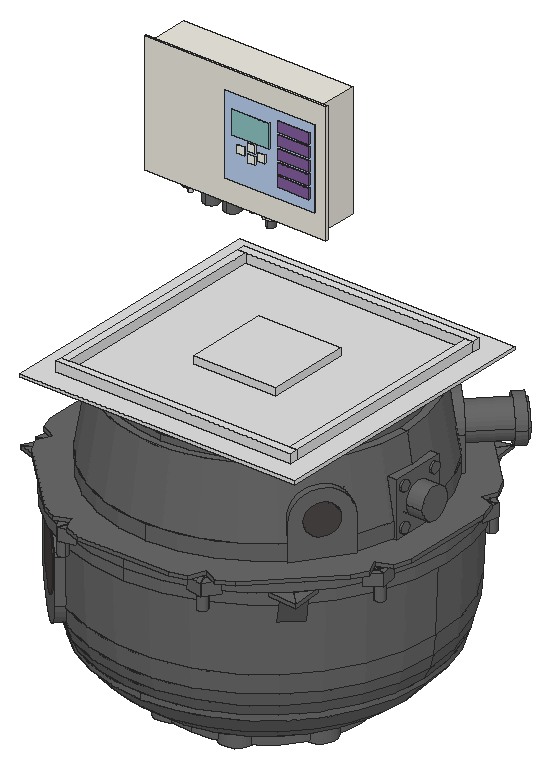
Revit family "281230x (200)", category Generic Models, Revit 2021 (continued)
Definition of nested family "281230x (200)_part2_X0Y0"
  Definition of nested family "281230x (200)_part2_content"
    Forms (mm)
      Revolve 14, solid, detail levels medium+fine
        sketch origin (0, 0, 344.5) x (0, 0, 1) y (-1, 0, 0)
          axis (106.5, 0) -> (0, 0)
        angle from -360 to 0
      Extrusion 15, solid, detail levels medium+fine
        sketch origin (0, 0, 451) x (0, 1, 0) y (-1, 0, 0)
          loop
            circle (0, 0) r 214.5
        from 0 to 10
      Extrusion 16, solid, detail levels medium+fine
        sketch origin (-190, -190, 461) x (0, 1, 0) y (0, 0, 1)
          loop
            line (0, 7.5) -> (0, 0) -> (380, 0) -> (380, 7.5) -> (0, 7.5)
        from 0 to 380
      Extrusion 17, solid, detail levels medium+fine
        sketch origin (0, 0, 461) x (0, 1, 0) y (-1, 0, 0)
          loop
            circle (0, 0) r 208.5
        from 0 to 7.5
      Extrusion 18, solid, detail levels medium+fine
        sketch origin (-222, -222, 468.5) x (0, 1, 0) y (0, 0, 1)
          loop
            line (0, 5) -> (0, 0) -> (444, 0) -> (444, 5) -> (0, 5)
        from 0 to 444
      Extrusion 19, solid, detail levels medium+fine
        sketch origin (-66, -66, 473.5) x (0, 1, 0) y (0, 0, 1)
          loop
            line (0, 12) -> (0, 0) -> (132, 0) -> (132, 12) -> (0, 12)
        from 0 to 132
      Extrusion 20, solid, detail levels medium+fine
        sketch origin (0, 60, 320) x (0, -1, 0) y (0, 0, 1)
          loop
            line (0, 50) -> (0, 0) -> (120, 0) -> (120, 50) -> (0, 50)
        from 0 to 245.5
      Extrusion 21, solid, detail levels medium+fine
        sketch origin (0, 0, 370) x (0, -1, 0) y (0, 0, 1)
          loop
            circle (0, 0) r 60
        from 0 to 245.5
      Extrusion 22, solid, detail levels medium+fine
        sketch origin (-244, 0, 370) x (0, -1, 0) y (0, 0, 1)
          loop
            circle (0, 0) r 35.1
        from 0 to 1.75
      Extrusion 23, solid, detail levels medium+fine
        sketch origin (31.82, -31.82, 320) x (-0.707107, 0.707107, 0) y (0, 0, 1)
          loop
            line (0, 55.25) -> (0, 0) -> (90, 0) -> (90, 55.25) -> (0, 55.25)
        from 0 to 245.5
      Extrusion 24, solid, detail levels medium+fine
        sketch origin (0, 0, 375.25) x (-0.707107, 0.707107, 0) y (0, 0, 1)
          loop
            circle (0, 0) r 45
        from 0 to 245.5
      Extrusion 25, solid, detail levels medium+fine
        sketch origin (0, 0, 370) x (-0.707107, 0.707107, 0) y (0, 0, 1)
          loop
            circle (0, 0) r 27.7
        from 0 to 311.36
      Extrusion 26, solid, detail levels medium+fine
        sketch origin (0, 27.5, 332.75) x (0, 1, 0) y (0, 0, 1)
          loop
            circle (0, 0) r 8
        from 0 to 250
      Extrusion 27, solid, detail levels medium+fine
        sketch origin (0, -46.25, 320) x (0, 1, 0) y (0, 0, 1)
          loop
            line (0, 86.5) -> (0, 0) -> (86.5, 0) -> (86.5, 86.5) -> (0, 86.5)
        from 0 to 245.5
      Extrusion 28, solid, detail levels medium+fine
        sketch origin (0, -3, 363.25) x (0, 1, 0) y (0, 0, 1)
          loop
            circle (0, 0) r 24.75
        from 0 to 272.5
      Extrusion 29, solid, detail levels medium+fine
        sketch origin (0, -33.5, 393.75) x (0, 1, 0) y (0, 0, 1)
          loop
            circle (0, 0) r 8
        from 0 to 250
      Extrusion 30, solid, detail levels medium+fine
        sketch origin (0, 27.5, 393.75) x (0, 1, 0) y (0, 0, 1)
          loop
            circle (0, 0) r 8
        from 0 to 250
      Extrusion 31, solid, detail levels medium+fine
        sketch origin (0, -33.5, 332.75) x (0, 1, 0) y (0, 0, 1)
          loop
            circle (0, 0) r 8
        from 0 to 250
      Extrusion 32, solid, detail levels medium+fine
        sketch origin (-25.811, -36.862, 320) x (0.573577, 0.819152, 0) y (0, 0, 1)
          loop
            line (0, 55.25) -> (0, 0) -> (90, 0) -> (90, 55.25)
            arc (90, 55.25) -> (45, 100.25) -> (0, 55.25) r 45
        from 0 to 245.5
      Extrusion 33, solid, detail levels medium+fine
        sketch origin (199.873, -139.953, 375.25) x (0.573577, 0.819152, 0) y (0, 0, 1)
          loop
            circle (0, 0) r 25
        from 0 to 1.75
      Extrusion 34, solid, detail levels medium+fine
        sketch origin (-53.002, 127.957, 0) x (-0.92388, -0.382683, 0) y (0.382683, -0.92388, 0)
          loop
            circle (0, 0) r 25
        from 0 to 28.5
      Extrusion 35, solid, detail levels medium+fine
        sketch origin (-127.957, -53.002, 0) x (0.382683, -0.92388, 0) y (0.92388, 0.382683, 0)
          loop
            circle (0, 0) r 25
        from 0 to 28.5
      Extrusion 36, solid, detail levels medium+fine
        sketch origin (53.002, -127.957, 0) x (0.92388, 0.382683, 0) y (-0.382683, 0.92388, 0)
          loop
            circle (0, 0) r 25
        from 0 to 28.5
      Extrusion 37, solid, detail levels medium+fine
        sketch origin (53.002, 127.957, 0) x (-0.923879, 0.382684, 0) y (-0.382684, -0.923879, 0)
          loop
            circle (0, 0) r 25
        from 0 to 28.5
      Extrusion 38, solid, detail levels medium+fine
        sketch origin (-127.957, 53.002, 0) x (-0.382684, -0.923879, 0) y (0.923879, -0.382684, 0)
          loop
            circle (0, 0) r 25
        from 0 to 28.5
      Extrusion 39, solid, detail levels medium+fine
        sketch origin (-53.002, -127.957, 0) x (0.923879, -0.382684, 0) y (0.382684, 0.923879, 0)
          loop
            circle (0, 0) r 25
        from 0 to 28.5
      Extrusion 40, solid, detail levels medium+fine
        sketch origin (127.957, -53.002, 0) x (0.382684, 0.923879, 0) y (-0.923879, 0.382684, 0)
          loop
            circle (0, 0) r 25
        from 0 to 28.5
      Extrusion 41, solid, detail levels medium+fine
        sketch origin (127.957, 53.002, 0) x (-0.382683, 0.92388, 0) y (-0.92388, -0.382683, 0)
          loop
            circle (0, 0) r 25
        from 0 to 28.5
      Extrusion 42, solid, detail levels medium+fine
        sketch origin (0, 0, 209) x (0, -1, 0) y (0, 0, 1)
          loop
            line (-72.693, 35.337) -> (-68.918, -37.767)
            arc (-68.918, -37.767) -> (-63.198, -56.139) -> (-50.593, -70.678) r 46.983
            line (-50.593, -70.678) -> (-49.193, -71.697)
            arc (-49.193, -71.697) -> (-25.794, -83.147) -> (0, -86.788) r 83.079
            arc (0, -86.788) -> (25.794, -83.147) -> (49.193, -71.697) r 83.079
            line (49.193, -71.697) -> (50.593, -70.678)
            arc (50.593, -70.678) -> (63.198, -56.139) -> (68.918, -37.767) r 46.983
            line (68.918, -37.767) -> (72.693, 35.337)
            arc (72.693, 35.337) -> (71.616, 38.805) -> (69.783, 41.939) r 15.989
            arc (69.783, 41.939) -> (60.032, 51.336) -> (48.652, 58.679) r 69.984
            line (48.652, 58.679) -> (47.252, 59.417)
            arc (47.252, 59.417) -> (24.369, 68.322) -> (0, 71.344) r 99.373
            arc (0, 71.344) -> (-24.369, 68.322) -> (-47.252, 59.417) r 99.373
            line (-47.252, 59.417) -> (-48.652, 58.679)
            arc (-48.652, 58.679) -> (-60.032, 51.336) -> (-69.783, 41.939) r 69.984
            arc (-69.783, 41.939) -> (-71.616, 38.805) -> (-72.693, 35.337) r 15.989
        from 0 to 277.5
      Extrusion 43, solid, detail levels medium+fine
        sketch origin (0, 0, 209) x (0, -1, 0) y (0, 0, 1)
          loop
            circle (0, 0) r 55
        from 0 to 326
      Extrusion 44, solid, detail levels medium+fine
        sketch origin (0, 0, 209) x (0.707107, -0.707107, 0) y (0, 0, 1)
          loop
            line (-72.693, 35.337) -> (-68.918, -37.767)
            arc (-68.918, -37.767) -> (-63.198, -56.139) -> (-50.593, -70.678) r 46.983
            line (-50.593, -70.678) -> (-49.193, -71.697)
            arc (-49.193, -71.697) -> (-25.794, -83.147) -> (0, -86.788) r 83.079
            arc (0, -86.788) -> (25.794, -83.147) -> (49.193, -71.697) r 83.079
            line (49.193, -71.697) -> (50.593, -70.678)
            arc (50.593, -70.678) -> (63.198, -56.139) -> (68.918, -37.767) r 46.983
            line (68.918, -37.767) -> (72.693, 35.337)
            arc (72.693, 35.337) -> (71.616, 38.805) -> (69.783, 41.939) r 15.989
            arc (69.783, 41.939) -> (60.032, 51.336) -> (48.652, 58.679) r 69.984
            line (48.652, 58.679) -> (47.252, 59.417)
            arc (47.252, 59.417) -> (24.369, 68.322) -> (0, 71.344) r 99.373
            arc (0, 71.344) -> (-24.369, 68.322) -> (-47.252, 59.417) r 99.373
            line (-47.252, 59.417) -> (-48.652, 58.679)
            arc (-48.652, 58.679) -> (-60.032, 51.336) -> (-69.783, 41.939) r 69.984
            arc (-69.783, 41.939) -> (-71.616, 38.805) -> (-72.693, 35.337) r 15.989
        from 0 to 277.5
      Extrusion 45, solid, detail levels medium+fine
        sketch origin (0, 0, 209) x (-0.707107, -0.707107, 0) y (0, 0, 1)
          loop
            line (-72.693, 35.337) -> (-68.918, -37.767)
            arc (-68.918, -37.767) -> (-63.198, -56.139) -> (-50.593, -70.678) r 46.983
            line (-50.593, -70.678) -> (-49.193, -71.697)
            arc (-49.193, -71.697) -> (-25.794, -83.147) -> (0, -86.788) r 83.079
            arc (0, -86.788) -> (25.794, -83.147) -> (49.193, -71.697) r 83.079
            line (49.193, -71.697) -> (50.593, -70.678)
            arc (50.593, -70.678) -> (63.198, -56.139) -> (68.918, -37.767) r 46.983
            line (68.918, -37.767) -> (72.693, 35.337)
            arc (72.693, 35.337) -> (71.616, 38.805) -> (69.783, 41.939) r 15.989
            arc (69.783, 41.939) -> (60.032, 51.336) -> (48.652, 58.679) r 69.984
            line (48.652, 58.679) -> (47.252, 59.417)
            arc (47.252, 59.417) -> (24.369, 68.322) -> (0, 71.344) r 99.373
            arc (0, 71.344) -> (-24.369, 68.322) -> (-47.252, 59.417) r 99.373
            line (-47.252, 59.417) -> (-48.652, 58.679)
            arc (-48.652, 58.679) -> (-60.032, 51.336) -> (-69.783, 41.939) r 69.984
            arc (-69.783, 41.939) -> (-71.616, 38.805) -> (-72.693, 35.337) r 15.989
        from 0 to 277.5
      Extrusion 46, solid, detail levels medium+fine
        sketch origin (-195.161, -195.161, 209) x (0.707107, -0.707107, 0) y (0, 0, 1)
          loop
            circle (0, 0) r 50.1
        from 0 to 1.75
      Extrusion 47, solid, detail levels medium+fine
        sketch origin (-195.162, 195.162, 209) x (-0.707107, -0.707107, 0) y (0, 0, 1)
          loop
            circle (0, 0) r 50.1
        from 0 to 1.75
      Extrusion 48, solid, detail levels medium+fine
        sketch origin (220.165, 220.165, 370) x (-0.707107, 0.707107, 0) y (0, 0, 1)
          loop
            circle (0, 0) r 34.75
        from 0 to 15.7
      Extrusion 49, solid, detail levels medium+fine
        sketch origin (230.559, 230.559, 370) x (-0.707107, 0.707107, 0) y (0, 0, 1)
          loop
            circle (0, 0) r 27.7
        from 0 to 4.8
      Extrusion 50, solid, detail levels medium+fine
        sketch origin (232.893, 232.893, 370) x (-0.707107, 0.707107, 0) y (0, 0, 1)
          loop
            circle (0, 0) r 20
        from 0 to 1.7
      Extrusion 51, solid, detail levels medium+fine
        sketch origin (240.105, 225.963, 364) x (-0.707107, 0.707107, 0) y (0, 0, 1)
          loop
            circle (0, 0) r 4.2
        from 0 to 1.8
      Extrusion 52, solid, detail levels medium+fine
        sketch origin (240.105, 225.963, 376) x (-0.707107, 0.707107, 0) y (0, 0, 1)
          loop
            circle (0, 0) r 4.2
        from 0 to 1.8
      Extrusion 53, solid, detail levels medium+fine
        sketch origin (225.963, 240.105, 376) x (-0.707107, 0.707107, 0) y (0, 0, 1)
          loop
            circle (0, 0) r 4.2
        from 0 to 1.8
      Extrusion 54, solid, detail levels medium+fine
        sketch origin (225.963, 240.105, 364) x (-0.707107, 0.707107, 0) y (0, 0, 1)
          loop
            circle (0, 0) r 4.2
        from 0 to 1.8
      Extrusion 55, solid, detail levels medium+fine
        sketch origin (-259.107, -87.843, 294.5) x (-0.92388, -0.382683, 0) y (0, 0, -1)
          loop
            line (0, 48.5) -> (0, 0) -> (29.9, 0) -> (0, 48.5)
        from 0 to 36
      Extrusion 56, solid, detail levels medium+fine
        sketch origin (-272.082, -112.7, 273) x (0.382683, -0.92388, 0) y (0.92388, 0.382683, 0)
          loop
            circle (0, 0) r 7.75
        from 0 to 21.5
      Extrusion 57, solid, detail levels medium+fine
        sketch origin (-265.153, -109.83, 300) x (-0.92388, -0.382683, 0) y (-0.382683, 0.92388, 0)
          loop
            line (36.5, 0) -> (0, 0) -> (0, -32) -> (36.5, 0)
        from 0 to 5.5
      Extrusion 58, solid, detail levels medium+fine
        sketch origin (-265.153, -109.83, 314) x (-0.92388, -0.382683, 0) y (-0.382683, 0.92388, 0)
          loop
            line (17, 0) -> (0, 0) -> (0, -25) -> (17, 0)
        from 0 to 14
      Extrusion 59, solid, detail levels medium+fine
        sketch origin (-265.153, -109.83, 294.5) x (-0.382683, 0.92388, 0) y (-0.92388, -0.382683, 0)
          loop
            line (0, 36.5) -> (0, 0) -> (32, 0) -> (0, 36.5)
        from 0 to 5.5
      Extrusion 60, solid, detail levels medium+fine
        sketch origin (-265.153, -109.83, 300) x (-0.382683, 0.92388, 0) y (-0.92388, -0.382683, 0)
          loop
            line (0, 17) -> (0, 0) -> (25, 0) -> (0, 17)
        from 0 to 14
      Extrusion 61, solid, detail levels medium+fine
        sketch origin (-245.331, 121.102, 294.5) x (-0.923879, 0.382684, 0) y (0, 0, -1)
          loop
            line (0, 48.5) -> (0, 0) -> (29.9, 0) -> (0, 48.5)
        from 0 to 36
      Extrusion 62, solid, detail levels medium+fine
        sketch origin (-272.082, 112.7, 273) x (-0.382684, -0.923879, 0) y (0.923879, -0.382684, 0)
          loop
            circle (0, 0) r 7.75
        from 0 to 21.5
      Extrusion 63, solid, detail levels medium+fine
        sketch origin (-265.153, 109.83, 300) x (-0.923879, 0.382684, 0) y (0.382684, 0.923879, 0)
          loop
            line (36.5, 0) -> (0, 0) -> (0, -32) -> (36.5, 0)
        from 0 to 5.5
      Extrusion 64, solid, detail levels medium+fine
        sketch origin (-265.153, 109.83, 314) x (-0.923879, 0.382684, 0) y (0.382684, 0.923879, 0)
          loop
            line (17, 0) -> (0, 0) -> (0, -25) -> (17, 0)
        from 0 to 14
      Extrusion 65, solid, detail levels medium+fine
        sketch origin (-265.153, 109.83, 294.5) x (0.382684, 0.923879, 0) y (-0.923879, 0.382684, 0)
          loop
            line (0, 36.5) -> (0, 0) -> (32, 0) -> (0, 36.5)
        from 0 to 5.5
      Extrusion 66, solid, detail levels medium+fine
        sketch origin (-265.153, 109.83, 300) x (0.382684, 0.923879, 0) y (-0.923879, 0.382684, 0)
          loop
            line (0, 17) -> (0, 0) -> (25, 0) -> (0, 17)
        from 0 to 14
      Extrusion 67, solid, detail levels medium+fine
        sketch origin (-190, 178, 473.5) x (0, 1, 0) y (0, 0, 1)
          loop
            line (0, 15) -> (0, 0) -> (12, 0) -> (12, 15) -> (0, 15)
        from 0 to 380
      Extrusion 68, solid, detail levels medium+fine
        sketch origin (-190, -190, 473.5) x (0, 1, 0) y (0, 0, 1)
          loop
            line (0, 15) -> (0, 0) -> (12, 0) -> (12, 15) -> (0, 15)
        from 0 to 380
      Extrusion 69, solid, detail levels medium+fine
        sketch origin (-190, -178, 473.5) x (0, 1, 0) y (0, 0, 1)
          loop
            line (0, 15) -> (0, 0) -> (356, 0) -> (356, 15) -> (0, 15)
        from 0 to 12
      Extrusion 70, solid, detail levels medium+fine
        sketch origin (178, -178, 473.5) x (0, 1, 0) y (0, 0, 1)
          loop
            line (0, 15) -> (0, 0) -> (356, 0) -> (356, 15) -> (0, 15)
        from 0 to 12
      Extrusion 71, solid, detail levels medium+fine
        sketch origin (180.312, -205.768, 294.5) x (0.707106, -0.707107, 0) y (0, 0, -1)
          loop
            line (0, 48.5) -> (0, 0) -> (29.9, 0) -> (0, 48.5)
        from 0 to 36
      Extrusion 72, solid, detail levels medium+fine
        sketch origin (202.939, -202.939, 300) x (0.707106, -0.707107, 0) y (-0.707107, -0.707106, 0)
          loop
            line (36.5, 0) -> (0, 0) -> (0, -32) -> (36.5, 0)
        from 0 to 5.5
      Extrusion 73, solid, detail levels medium+fine
        sketch origin (202.939, -202.939, 294.5) x (-0.707107, -0.707106, 0) y (0.707106, -0.707107, 0)
          loop
            line (0, 36.5) -> (0, 0) -> (32, 0) -> (0, 36.5)
        from 0 to 5.5
      Extrusion 74, solid, detail levels medium+fine
        sketch origin (171.331, 213.304, 294.5) x (0.573577, 0.819151, 0) y (0, 0, -1)
          loop
            line (0, 48.5) -> (0, 0) -> (29.9, 0) -> (0, 48.5)
        from 0 to 36
      Extrusion 75, solid, detail levels medium+fine
        sketch origin (164.616, 235.097, 294.5) x (0.819151, -0.573577, 0) y (0.573577, 0.819151, 0)
          loop
            line (0, 36.5) -> (0, 0) -> (32, 0) -> (0, 36.5)
        from 0 to 5.5
      Extrusion 76, solid, detail levels medium+fine
        sketch origin (164.616, 235.097, 300) x (0.573577, 0.819151, 0) y (0.819151, -0.573577, 0)
          loop
            line (36.5, 0) -> (0, 0) -> (0, -32) -> (36.5, 0)
        from 0 to 5.5
      Extrusion 77, solid, detail levels medium+fine
        sketch origin (109.83, 265.153, 294.5) x (0.923879, -0.382684, 0) y (0.382684, 0.923879, 0)
          loop
            line (0, 17) -> (0, 0) -> (25, 0) -> (0, 17)
        from 0 to 19.5
      Extrusion 78, solid, detail levels medium+fine
        sketch origin (112.7, 272.082, 273) x (-0.923879, 0.382684, 0) y (-0.382684, -0.923879, 0)
          loop
            circle (0, 0) r 7.75
        from 0 to 21.5
      Extrusion 79, solid, detail levels medium+fine
        sketch origin (109.83, 265.153, 314) x (0.382684, 0.923879, 0) y (0.923879, -0.382684, 0)
          loop
            line (17, 0) -> (0, 0) -> (0, -25) -> (17, 0)
        from 0 to 19.5
      Extrusion 80, solid, detail levels medium+fine
        sketch origin (272.082, 112.7, 273) x (-0.382683, 0.92388, 0) y (-0.92388, -0.382683, 0)
          loop
            circle (0, 0) r 7.75
        from 0 to 21.5
      Extrusion 81, solid, detail levels medium+fine
        sketch origin (265.153, 109.83, 314) x (0.92388, 0.382683, 0) y (0.382683, -0.92388, 0)
          loop
            line (17, 0) -> (0, 0) -> (0, -25) -> (17, 0)
        from 0 to 19.5
      Extrusion 82, solid, detail levels medium+fine
        sketch origin (265.153, 109.83, 294.5) x (0.382683, -0.92388, 0) y (0.92388, 0.382683, 0)
          loop
            line (0, 17) -> (0, 0) -> (25, 0) -> (0, 17)
        from 0 to 19.5
      Extrusion 83, solid, detail levels medium+fine
        sketch origin (-112.7, 272.082, 273) x (-0.92388, -0.382683, 0) y (0.382683, -0.92388, 0)
          loop
            circle (0, 0) r 7.75
        from 0 to 21.5
      Extrusion 84, solid, detail levels medium+fine
        sketch origin (-109.83, 265.153, 314) x (-0.382683, 0.92388, 0) y (0.92388, 0.382683, 0)
          loop
            line (17, 0) -> (0, 0) -> (0, -25) -> (17, 0)
        from 0 to 19.5
      Extrusion 85, solid, detail levels medium+fine
        sketch origin (-109.83, 265.153, 294.5) x (0.92388, 0.382683, 0) y (-0.382683, 0.92388, 0)
          loop
            line (0, 17) -> (0, 0) -> (25, 0) -> (0, 17)
        from 0 to 19.5
      Extrusion 86, solid, detail levels medium+fine
        sketch origin (272.082, -112.7, 273) x (0.382684, 0.923879, 0) y (-0.923879, 0.382684, 0)
          loop
            circle (0, 0) r 7.75
        from 0 to 21.5
      Extrusion 87, solid, detail levels medium+fine
        sketch origin (265.153, -109.83, 294.5) x (-0.382684, -0.923879, 0) y (0.923879, -0.382684, 0)
          loop
            line (0, 17) -> (0, 0) -> (25, 0) -> (0, 17)
        from 0 to 19.5
      Extrusion 88, solid, detail levels medium+fine
        sketch origin (265.153, -109.83, 314) x (0.923879, -0.382684, 0) y (-0.382684, -0.923879, 0)
          loop
            line (17, 0) -> (0, 0) -> (0, -25) -> (17, 0)
        from 0 to 19.5
      Extrusion 89, solid, detail levels medium+fine
        sketch origin (112.7, -272.082, 273) x (0.92388, 0.382683, 0) y (-0.382683, 0.92388, 0)
          loop
            circle (0, 0) r 7.75
        from 0 to 21.5
      Extrusion 90, solid, detail levels medium+fine
        sketch origin (109.83, -265.153, 314) x (0.382683, -0.92388, 0) y (-0.92388, -0.382683, 0)
          loop
            line (17, 0) -> (0, 0) -> (0, -25) -> (17, 0)
        from 0 to 19.5
      Extrusion 91, solid, detail levels medium+fine
        sketch origin (109.83, -265.153, 294.5) x (-0.92388, -0.382683, 0) y (0.382683, -0.92388, 0)
          loop
            line (0, 17) -> (0, 0) -> (25, 0) -> (0, 17)
        from 0 to 19.5
      Extrusion 92, solid, detail levels medium+fine
        sketch origin (-112.7, -272.082, 273) x (0.923879, -0.382684, 0) y (0.382684, 0.923879, 0)
          loop
            circle (0, 0) r 7.75
        from 0 to 21.5
      Extrusion 93, solid, detail levels medium+fine
        sketch origin (-109.83, -265.153, 294.5) x (-0.923879, 0.382684, 0) y (-0.382684, -0.923879, 0)
          loop
            line (0, 17) -> (0, 0) -> (25, 0) -> (0, 17)
        from 0 to 19.5
      Extrusion 94, solid, detail levels medium+fine
        sketch origin (-109.83, -265.153, 314) x (-0.382684, -0.923879, 0) y (-0.923879, 0.382684, 0)
          loop
            line (17, 0) -> (0, 0) -> (0, -25) -> (17, 0)
        from 0 to 19.5
      Extrusion 95, solid, detail levels coarse
        sketch origin (-17.478, 0, 0) x (1, 0, 0) y (0, 1, 0)
          loop
            line (-308.522, -291.044) -> (308.522, -291.044) -> (308.522, 291.044) -> (-308.522, 291.044) -> (-308.522, -291.044)
        from 0 to 488.5
    Dimensions and locks
      aligned and locked: level to plane 2
